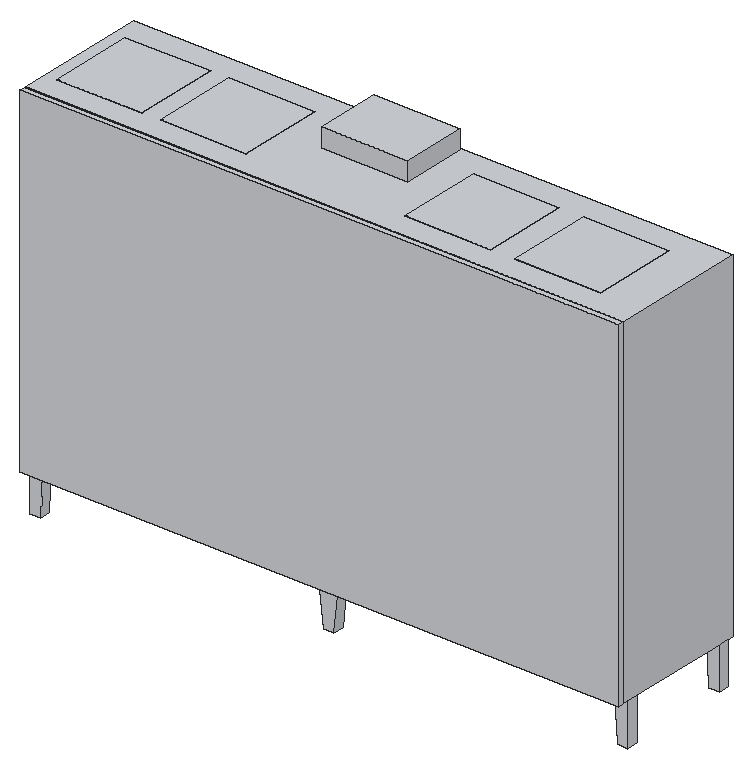
Revit family "AHU 3 _3", category Mechanické zařízení, Revit 2018
Family settings
  Kóta kulaté spojky = Použít průměr
  Typ dílu = Normální
  Číslo OmniClass = 23.75.00.00
  Nadpis OmniClass = Climate Control (HVAC)
  Založené na pracovní rovině = Ne
  Vždy vertikální = Ano
  Ořezat dutým tvarem při načtení = Ne
  Sdílené = Ne
  Bod výpočtu místnosti = Ne
Parameters (values of type "DUPLEXVENT 3500 Multi-V")
  Width [instance] = 0.665 mm
  Weight [instance] = 449.00 kg
  URL = ""
  Type [instance] = "DUPLEXVENT 3500 Multi-V"
  Total_SFP [instance] = 0
  Supply_outlet_hum [instance] = 90
  Supply_inlet_hum [instance] = 90
  Supply_ext_pressure [instance] = 0.0 Pa
  Supply_SFP [instance] = 0
  Source_adu_file [instance] = ""
  Recuperation_type [instance] = "Plate heat recovery exchanger"
  Recuperation_efficiency_EN308 [instance] = 0
  Project_name [instance] = ""
  Project_date [instance] = "9.8.2023"
  Power_supply_fusing [instance] = "0"
  Power_supply_cable [instance] = "0"
  Position [instance] = "AHU 3 "
  Phases_count [instance] = 3
  Panel_thickness [instance] = 0.06 mm
  Outer_surface [instance] = "RAL 9002"
  Length [instance] = 2.8 mm
  Insulation_type [instance] = "PUR"
  Insulation_thickness [instance] = 0.05 mm
  Installation_environment [instance] = ""
  Input_power_max [instance] = 5000 W
  Inner_surface [instance] = "Pozink"
  I2 [instance] = I1  # 0.0 L/s
  Height [instance] = 1.6 mm
  Exhaust_outlet_hum [instance] = 40
  Exhaust_inlet_hum [instance] = 40
  Exhaust_ext_pressure [instance] = 0.0 Pa
  Exhaust_SFP [instance] = 0
  E1 [instance] = E2 - M1  # 0.0 L/s
  E2 [instance] = 0.0 L/s
  I1 [instance] = 0.0 L/s
  Description = ""
  M1 [instance] = 0.0 L/s
  Device_dutypoint_version [instance] = "0"
  Device_design_version [instance] = "9"
  Device_adu_id [instance] = "3"
  Current_max [instance] = 7.6 A
  Casing_mat [instance] = "painted zinc layer"
  Cable type [instance] = "CYKY 5Jx2,5"
Reference planes
  plane 1 "Střed (vpředu/vzadu)": y = 0
  plane 2 "ref": z = 0
  plane 3 "Střed (vlevo/vpravo)": x = 0
Forms (mm)
  Sweep 1, solid
    path origin (0, 0, 0) x (0, 0, 1) y (1, 0, 0)
      loop
        line (0, 0) -> (1600, 0)
    profile origin (0, 0, 0) x (1, 0, 0) y (0, 1, 0)
      loop
        line (0, 0) -> (2800, 0) -> (2800, 635) -> (0, 635) -> (0, 0)
  Sweep 2, solid
    path origin (740, 315, 1599) x (0, 0, 1) y (1, 0, 0)
      loop
        line (0, 0) -> (1, 0)
    profile origin (740, 315, 1599) x (1, 0, 0) y (0, 1, 0)
      loop
        line (-200, -200) -> (200, -200) -> (200, 200) -> (-200, 200) -> (-200, -200)
  Sweep 3, solid
    path origin (2400, 315, 1599) x (0, 0, 1) y (1, 0, 0)
      loop
        line (0, 0) -> (1, 0)
    profile origin (2400, 315, 1599) x (1, 0, 0) y (0, 1, 0)
      loop
        line (-200, -200) -> (200, -200) -> (200, 200) -> (-200, 200) -> (-200, -200)
  Sweep 4, solid
    path origin (1885, 315, 1599) x (0, 0, 1) y (1, 0, 0)
      loop
        line (0, 0) -> (1, 0)
    profile origin (1885, 315, 1599) x (1, 0, 0) y (0, 1, 0)
      loop
        line (-200, -200) -> (200, -200) -> (200, 200) -> (-200, 200) -> (-200, -200)
  Sweep 5, solid
    path origin (255, 315, 1599) x (0, 0, 1) y (1, 0, 0)
      loop
        line (0, 0) -> (1, 0)
    profile origin (255, 315, 1599) x (1, 0, 0) y (0, 1, 0)
      loop
        line (-200, -200) -> (200, -200) -> (200, 200) -> (-200, 200) -> (-200, -200)
  Sweep 6, solid
    path origin (1250, 304, 0) x (0, -1, 0) y (0, 0, 1)
      loop
        line (0, 0) -> (0, -142)
    profile origin (1250, 304, 0) x (-1, 0, 0) y (0, -1, 0)
      loop
        circle (0, 0) r 8
  Sweep 7, solid
    path origin (1258, 304, -150) x (0, 0, -1) y (1, 0, 0)
      loop
        line (0, 0) -> (0, 14)
    profile origin (1258, 304, -150) x (0, 0, 1) y (0, -1, 0)
      loop
        circle (0, 0) r 8
  Sweep 8, solid
    path origin (1280, 304, -142) x (0, -1, 0) y (0, 0, 1)
      loop
        line (0, 0) -> (0, 59)
    profile origin (1280, 304, -142) x (0, 1, 0) y (-1, 0, 0)
      loop
        circle (0, 0) r 8
  Sweep 9, solid
    path origin (1288, 304, -75) x (0, 0, -1) y (1, 0, 0)
      loop
        line (0, 0) -> (0, 22)
    profile origin (1288, 304, -75) x (0, 0, 1) y (0, -1, 0)
      loop
        circle (0, 0) r 8
  Sweep 10, solid
    path origin (1730, 304, 0) x (0, -1, 0) y (0, 0, 1)
      loop
        line (0, 0) -> (0, -142)
    profile origin (1730, 304, 0) x (-1, 0, 0) y (0, -1, 0)
      loop
        circle (0, 0) r 8
  Sweep 11, solid
    path origin (1738, 304, -150) x (0, 0, -1) y (1, 0, 0)
      loop
        line (0, 0) -> (0, 14)
    profile origin (1738, 304, -150) x (0, 0, 1) y (0, -1, 0)
      loop
        circle (0, 0) r 8
  Sweep 12, solid
    path origin (1760, 304, -142) x (0, -1, 0) y (0, 0, 1)
      loop
        line (0, 0) -> (0, 59)
    profile origin (1760, 304, -142) x (0, 1, 0) y (-1, 0, 0)
      loop
        circle (0, 0) r 8
  Sweep 13, solid
    path origin (1768, 304, -75) x (0, 0, -1) y (1, 0, 0)
      loop
        line (0, 0) -> (0, 22)
    profile origin (1768, 304, -75) x (0, 0, 1) y (0, -1, 0)
      loop
        circle (0, 0) r 8
  Sweep 14, solid
    path origin (0, 0, 0) x (0, 0, 1) y (1, 0, 0)
      loop
        line (0, 0) -> (1600, 0)
    profile origin (0, 0, 0) x (1, 0, 0) y (0, 1, 0)
      loop
        line (0, -30) -> (2800, -30) -> (2800, -5) -> (0, -5) -> (0, -30)
  Sweep 15, solid
    path origin (25, 75, 0) x (1, 0, 0) y (0, 1, 0)
      loop
        line (0, 0) -> (0, -50)
    profile origin (25, 75, 0) x (1, 0, 0) y (0, 0, 1)
      loop
        line (-25, 0) -> (-25, -200) -> (25, -200) -> (35, 0) -> (-25, 0)
  Sweep 16, solid
    path origin (2775, 75, 0) x (1, 0, 0) y (0, 1, 0)
      loop
        line (0, 0) -> (0, -50)
    profile origin (2775, 75, 0) x (1, 0, 0) y (0, 0, 1)
      loop
        line (-35, 0) -> (-25, -200) -> (25, -200) -> (25, 0) -> (-35, 0)
  Sweep 17, solid
    path origin (25, 610, 0) x (1, 0, 0) y (0, 1, 0)
      loop
        line (0, 0) -> (0, -50)
    profile origin (25, 610, 0) x (1, 0, 0) y (0, 0, 1)
      loop
        line (-25, 0) -> (-25, -200) -> (25, -200) -> (35, 0) -> (-25, 0)
  Sweep 18, solid
    path origin (2775, 610, 0) x (1, 0, 0) y (0, 1, 0)
      loop
        line (0, 0) -> (0, -50)
    profile origin (2775, 610, 0) x (1, 0, 0) y (0, 0, 1)
      loop
        line (-35, 0) -> (-25, -200) -> (25, -200) -> (25, 0) -> (-35, 0)
  Sweep 19, solid
    path origin (1400, 75, 0) x (1, 0, 0) y (0, 1, 0)
      loop
        line (0, 0) -> (0, -50)
    profile origin (1400, 75, 0) x (1, 0, 0) y (0, 0, 1)
      loop
        line (-45, 0) -> (-25, -200) -> (25, -200) -> (45, 0) -> (-45, 0)
  Sweep 20, solid
    path origin (1400, 610, 0) x (1, 0, 0) y (0, 1, 0)
      loop
        line (0, 0) -> (0, -50)
    profile origin (1400, 610, 0) x (1, 0, 0) y (0, 0, 1)
      loop
        line (-45, 0) -> (-25, -200) -> (25, -200) -> (45, 0) -> (-45, 0)
  Sweep 21, solid
    path origin (0, 0, 1600) x (0, 0, 1) y (1, 0, 0)
      loop
        line (0, 0) -> (90, 0)
    profile origin (0, 0, 1600) x (1, 0, 0) y (0, 1, 0)
      loop
        line (1130, 320) -> (1535, 320) -> (1535, 625) -> (1130, 625) -> (1130, 320)
  Sweep 22, solid
    path origin (1130, 472, 1645) x (0, 0, -1) y (1, 0, 0)
      loop
        line (0, 0) -> (0, -1)
    profile origin (1130, 472, 1645) x (0, 0, -1) y (0, -1, 0)
      loop
        circle (0, 0) r 10
Lines and regions (mm)
  model lines, style "Symbol"
    curve 1: line (1400, -30, 1600) -> (1400, -30, 960)
    curve 2: line (700, -30, 1600) -> (700, -30, 480)
    curve 3: line (700, -30, 480) -> (920, -30, 480)
    curve 4: line (2100, -30, 1600) -> (2100, -30, 480)
    curve 5: line (2100, -30, 480) -> (1880, -30, 480)
    curve 6: line (920, -30, 480) -> (1160, -30, 960)
    curve 7: line (1160, -30, 960) -> (1640, -30, 960)
    curve 8: line (1640, -30, 960) -> (1880, -30, 480)
    curve 9: line (1880, -30, 480) -> (1640, -30, 0)
    curve 10: line (1640, -30, 0) -> (1400, -30, 0)
    curve 11: line (1400, -30, 0) -> (1160, -30, 0)
    curve 12: line (1160, -30, 0) -> (920, -30, 480)
    curve 13: line (2308, -30, 1140) -> (2362, -30, 1460)
    curve 14: line (2592, -30, 1140) -> (2538, -30, 1460)
    curve 15: line (208, -30, 1140) -> (262, -30, 1460)
    curve 16: line (492, -30, 1140) -> (438, -30, 1460)
    curve 17: line (770, -30, 1280) -> (1330, -30, 1280)
    curve 18: line (1330, -30, 1280) -> (1330, -30, 1120)
    curve 19: line (1330, -30, 1120) -> (770, -30, 1120)
    curve 20: line (770, -30, 1120) -> (770, -30, 1280)
    curve 21: line (770, -30, 1200) -> (1050, -30, 1120)
    curve 22: line (1330, -30, 1200) -> (1050, -30, 1120)
    curve 23: line (1470, -30, 1280) -> (2030, -30, 1280)
    curve 24: line (2030, -30, 1280) -> (2030, -30, 1120)
    curve 25: line (2030, -30, 1120) -> (1470, -30, 1120)
    curve 26: line (1470, -30, 1120) -> (1470, -30, 1280)
    curve 27: line (1470, -30, 1200) -> (1750, -30, 1120)
    curve 28: line (2030, -30, 1200) -> (1750, -30, 1120)
    curve 29: line (797, -30, 554) -> (1015, -30, 982)
    curve 30: line (1015, -30, 982) -> (1139, -30, 918)
    curve 31: line (1139, -30, 918) -> (921, -30, 490)
    curve 32: line (921, -30, 490) -> (797, -30, 554)
    curve 33: line (936, -30, 797) -> (1087, -30, 846)
    curve 34: line (849, -30, 626) -> (1000, -30, 675)
    curve 35: line (0, 635, -200) -> (0, 635, 0)
    curve 36: line (2800, 635, -200) -> (2800, 635, 0)
    curve 37: line (0, 635, -200) -> (2800, 635, -200)
    curve 38: line (0, 0, -200) -> (0, 0, 0)
    curve 39: line (2800, 0, -200) -> (2800, 0, 0)
    curve 40: line (0, 0, -200) -> (2800, 0, -200)
    curve 41: line (0, 635, -200) -> (0, 0, -200)
    curve 42: line (2800, 635, -200) -> (2800, 0, -200)
    curve 43: line (0, 200, -200) -> (200, 0, -200)
    curve 44: line (0, 400, -200) -> (400, 0, -200)
    curve 45: line (0, 600, -200) -> (600, 0, -200)
    curve 46: line (165, 635, -200) -> (800, 0, -200)
    curve 47: line (365, 635, -200) -> (1000, 0, -200)
    curve 48: line (565, 635, -200) -> (1200, 0, -200)
    curve 49: line (765, 635, -200) -> (1400, 0, -200)
    curve 50: line (965, 635, -200) -> (1600, 0, -200)
    curve 51: line (1165, 635, -200) -> (1800, 0, -200)
    curve 52: line (1365, 635, -200) -> (2000, 0, -200)
    curve 53: line (1565, 635, -200) -> (2200, 0, -200)
    curve 54: line (1765, 635, -200) -> (2400, 0, -200)
    curve 55: line (1965, 635, -200) -> (2600, 0, -200)
    curve 56: line (2165, 635, -200) -> (2800, 0, -200)
    curve 57: line (2365, 635, -200) -> (2800, 200, -200)
    curve 58: line (2565, 635, -200) -> (2800, 400, -200)
    curve 59: line (2765, 635, -200) -> (2800, 600, -200)
    curve 60: line (2800, 200, -200) -> (2800, 0, 0)
    curve 61: line (2800, 400, -200) -> (2800, 200, 0)
    curve 62: line (2800, 600, -200) -> (2800, 400, 0)
    curve 63: line (2800, 635, -35) -> (2800, 600, 0)
    curve 64: line (0, 0, 0) -> (200, 0, -200)
    curve 65: line (200, 0, 0) -> (400, 0, -200)
    curve 66: line (400, 0, 0) -> (600, 0, -200)
    curve 67: line (600, 0, 0) -> (800, 0, -200)
    curve 68: line (800, 0, 0) -> (1000, 0, -200)
    curve 69: line (1000, 0, 0) -> (1200, 0, -200)
    curve 70: line (1200, 0, 0) -> (1400, 0, -200)
    curve 71: line (1400, 0, 0) -> (1600, 0, -200)
    curve 72: line (1600, 0, 0) -> (1800, 0, -200)
    curve 73: line (1800, 0, 0) -> (2000, 0, -200)
    curve 74: line (2000, 0, 0) -> (2200, 0, -200)
    curve 75: line (2200, 0, 0) -> (2400, 0, -200)
    curve 76: line (2400, 0, 0) -> (2600, 0, -200)
    curve 77: line (2600, 0, 0) -> (2800, 0, -200)
    curve 78: line (0, 0, 2180) -> (0, 0, 1600)
    curve 79: line (2800, 0, 2180) -> (2800, 0, 1600)
    curve 80: line (0, 0, 2180) -> (2800, 0, 2180)
    curve 81: line (0, 635, 2180) -> (0, 635, 1600)
    curve 82: line (2800, 635, 2180) -> (2800, 635, 1600)
    curve 83: line (0, 635, 2180) -> (2800, 635, 2180)
    curve 84: line (0, 0, 2180) -> (0, 635, 2180)
    curve 85: line (2800, 0, 2180) -> (2800, 635, 2180)
    curve 86: line (0, 435, 2180) -> (200, 635, 2180)
    curve 87: line (0, 235, 2180) -> (400, 635, 2180)
    curve 88: line (0, 35, 2180) -> (600, 635, 2180)
    curve 89: line (165, 0, 2180) -> (800, 635, 2180)
    curve 90: line (365, 0, 2180) -> (1000, 635, 2180)
    curve 91: line (565, 0, 2180) -> (1200, 635, 2180)
    curve 92: line (765, 0, 2180) -> (1400, 635, 2180)
    curve 93: line (965, 0, 2180) -> (1600, 635, 2180)
    curve 94: line (1165, 0, 2180) -> (1800, 635, 2180)
    curve 95: line (1365, 0, 2180) -> (2000, 635, 2180)
    curve 96: line (1565, 0, 2180) -> (2200, 635, 2180)
    curve 97: line (1765, 0, 2180) -> (2400, 635, 2180)
    curve 98: line (1965, 0, 2180) -> (2600, 635, 2180)
    curve 99: line (2165, 0, 2180) -> (2800, 635, 2180)
    curve 100: line (2365, 0, 2180) -> (2800, 435, 2180)
    curve 101: line (2565, 0, 2180) -> (2800, 235, 2180)
    curve 102: line (2765, 0, 2180) -> (2800, 35, 2180)
    curve 103: line (2800, 435, 2180) -> (2800, 635, 1980)
    curve 104: line (2800, 235, 2180) -> (2800, 635, 1780)
    curve 105: line (2800, 35, 2180) -> (2800, 615, 1600)
    curve 106: line (2800, 0, 2015) -> (2800, 415, 1600)
    curve 107: line (2800, 0, 1815) -> (2800, 215, 1600)
    curve 108: line (2800, 0, 1615) -> (2800, 15, 1600)
    curve 109: line (0, 635, 1980) -> (200, 635, 2180)
    curve 110: line (0, 635, 1780) -> (400, 635, 2180)
    curve 111: line (20, 635, 1600) -> (600, 635, 2180)
    curve 112: line (220, 635, 1600) -> (800, 635, 2180)
    curve 113: line (420, 635, 1600) -> (1000, 635, 2180)
    curve 114: line (620, 635, 1600) -> (1200, 635, 2180)
    curve 115: line (820, 635, 1600) -> (1400, 635, 2180)
    curve 116: line (1020, 635, 1600) -> (1600, 635, 2180)
    curve 117: line (1220, 635, 1600) -> (1800, 635, 2180)
    curve 118: line (1420, 635, 1600) -> (2000, 635, 2180)
    curve 119: line (1620, 635, 1600) -> (2200, 635, 2180)
    curve 120: line (1820, 635, 1600) -> (2400, 635, 2180)
    curve 121: line (2020, 635, 1600) -> (2600, 635, 2180)
    curve 122: line (2220, 635, 1600) -> (2800, 635, 2180)
    curve 123: line (2420, 635, 1600) -> (2800, 635, 1980)
    curve 124: line (2620, 635, 1600) -> (2800, 635, 1780)
    curve 125: line (0, -30, 0) -> (0, -30, 1600)
    curve 126: line (0, -30, 1600) -> (1120, -30, 1600)
    curve 127: line (1120, -30, 1600) -> (1120, -30, 0)
    curve 128: line (1120, -30, 0) -> (0, -30, 0)
    curve 129: line (1680, -30, 0) -> (1680, -30, 1600)
    curve 130: line (1680, -30, 1600) -> (2800, -30, 1600)
    curve 131: line (2800, -30, 1600) -> (2800, -30, 0)
    curve 132: line (2800, -30, 0) -> (1680, -30, 0)
    curve 133: line (0, -30, 0) -> (2800, -30, 0)
    curve 134: line (0, -30, 1600) -> (2800, -30, 1600)
    curve 135: line (0, -30, 0) -> (0, -30, 1600)
    curve 136: line (2800, -30, 0) -> (2800, -30, 1600)
    curve 137: line (0, -30, 0) -> (0, -5, 0)
    curve 138: line (2800, -30, 0) -> (2800, -5, 0)
    curve 139: line (0, -30, 1600) -> (0, -5, 1600)
    curve 140: line (2800, -30, 1600) -> (2800, -5, 1600)
    curve 141: circle (2450, -30, 1280) r 200 normal (0, -1, 0)
    curve 142: circle (350, -30, 1280) r 200 normal (0, -1, 0)
    curve 143: circle (1012, -30, 822) r 21 normal (0, -1, 0)
    curve 144: circle (924, -30, 650) r 21 normal (0, -1, 0)
    curve 145: circle (1250, 304, 0) r 8 normal (0, 0, -1)
    curve 146: circle (1250, 304, -142) r 8 normal (0, 0, -1)
    curve 147: circle (1730, 304, 0) r 8 normal (0, 0, -1)
    curve 148: circle (1730, 304, -142) r 8 normal (0, 0, -1)
Dimensions and locks
  aligned and locked: level to plane 2 "ref"
Connectors
  hvac at (740, 315, 1600), driven by "E1"
    settings: on Sweep 2, index 1, duct flow 0.0 L/s, flow factor 0, pres drop 0.0 Pa, loss coef 0, conn angle 0.00°, conn width 400 mm, conn height 400 mm, conn diameter 609.6 mm, duct sys type 1, conn prof type 1, flow config 1, flow direction 1, loss method 0, conn ref index -1, conn util no, is conn primary yes, conn desc ""
  hvac at (2400, 315, 1600), driven by "E2"
    settings: on Sweep 3, index 2, duct flow 0.0 L/s, flow factor 1, pres drop 0.0 Pa, loss coef 0, conn angle 0.00°, conn width 400 mm, conn height 400 mm, conn diameter 609.6 mm, duct sys type 1, conn prof type 1, flow config 2, flow direction 2, loss method 0, conn ref index -1, conn util no, is conn primary no, conn desc ""
  hvac at (1885, 315, 1600), driven by "I1"
    settings: on Sweep 4, index 3, duct flow 0.0 L/s, flow factor 1, pres drop 0.0 Pa, loss coef 0, conn angle 0.00°, conn width 400 mm, conn height 400 mm, conn diameter 609.6 mm, duct sys type 3, conn prof type 1, flow config 2, flow direction 1, loss method 0, conn ref index -1, conn util no, is conn primary no, conn desc ""
  hvac at (255, 315, 1600), driven by "I2"
    settings: on Sweep 5, index 4, duct flow 0.0 L/s, flow factor 0, pres drop 0.0 Pa, loss coef 0, conn angle 0.00°, conn width 400 mm, conn height 400 mm, conn diameter 609.6 mm, duct sys type 3, conn prof type 1, flow config 1, flow direction 2, loss method 0, conn ref index -1, conn util no, is conn primary no, conn desc ""
  piping at (1310, 304, -75), diameter 40
    settings: on Sweep 9, index 5, connector inside diameter 609.6 mm, connector length 0 mm, flow factor 0, pipe flow 0.0 L/s, pressure drop 0.0 Pa, fitting loss kfactor 0, connector angle 0.00°, fixture units 0, engagement length 0 mm, angle of deflection 0.00°, flow configuration 1, flow direction 2, fitting loss method 0, system type 16, joint type 0, gender type 0, connector reference index -1, connector utility 0, adjustable connector no, is connector primary yes, connector description ""
  piping at (1790, 304, -75), diameter 40
    settings: on Sweep 13, index 6, connector inside diameter 609.6 mm, connector length 0 mm, flow factor 0, pipe flow 0.0 L/s, pressure drop 0.0 Pa, fitting loss kfactor 0, connector angle 0.00°, fixture units 0, engagement length 0 mm, angle of deflection 0.00°, flow configuration 1, flow direction 2, fitting loss method 0, system type 16, joint type 0, gender type 0, connector reference index -1, connector utility 0, adjustable connector no, is connector primary no, connector description ""
  electrical at (1129, 472, 1645)
    settings: on Sweep 22, index 7, voltage 400 V, apparent load 0 VA, apparent load phase1 0 VA, apparent load phase2 0 VA, apparent load phase3 0 VA, power factor 1, load classification "Další", number of poles 3, system type 31, power factor state 1, is connector primary yes, connector utility no, sub classification motor no, connector description ""
